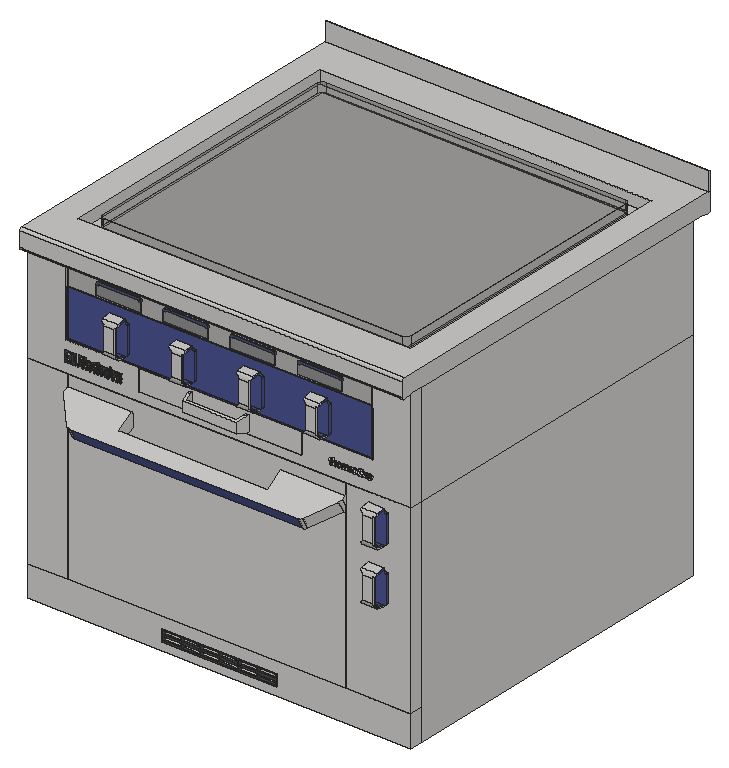
Revit family "QF_ELECTROLUXPROFESSIONAL_588415_MALMEBH8AO", category Attrezzature speciali, Revit 2020 (continued)
Definition of nested family "Front_Panel_W800_Four Knobs"
  Definition of nested family "ELX_Professional_Logo_Small"
    Forms (mm)
      Extrusion 2, solid, material <- "Material_Logo"
        sketch origin (15.5, 0, 0) x (1, 0, 0) y (0, 1, 0)
          loop
            spline (-26.936, -1.713) -> (-27.384, -1.691) -> (-27.805, -1.625) -> (-28.196, -1.518) -> (-28.556, -1.372) -> (-28.882, -1.187) -> (-29.174, -0.966) -> (-29.429, -0.71) -> (-29.645, -0.422) -> (-29.821, -0.102) -> (-29.955, 0.247) -> (-30.045, 0.623) -> (-30.089, 1.026)
            line (-30.089, 1.026) -> (-21.956, 1.026) -> (-21.915, 1.897)
          loop
            spline (-24.446, 2.769) -> (-24.47, 3.075) -> (-24.54, 3.37) -> (-24.654, 3.65) -> (-24.807, 3.913) -> (-24.996, 4.156) -> (-25.219, 4.376) -> (-25.472, 4.57) -> (-25.753, 4.736) -> (-26.057, 4.869) -> (-26.382, 4.968) -> (-26.724, 5.03) -> (-27.081, 5.051)
            spline (-27.081, 5.051) -> (-27.464, 5.03) -> (-27.832, 4.97) -> (-28.183, 4.872) -> (-28.513, 4.74) -> (-28.819, 4.577) -> (-29.099, 4.384) -> (-29.347, 4.165) -> (-29.563, 3.923) -> (-29.742, 3.659) -> (-29.881, 3.377) -> (-29.977, 3.079) -> (-30.027, 2.769)
            line (-30.027, 2.769) -> (-24.446, 2.769)
          loop
            spline (-18.167, 1.669) -> (-18.138, 2.13) -> (-18.055, 2.567) -> (-17.921, 2.978) -> (-17.739, 3.358) -> (-17.512, 3.705) -> (-17.243, 4.016) -> (-16.937, 4.287) -> (-16.596, 4.517) -> (-16.223, 4.7) -> (-15.823, 4.835) -> (-15.398, 4.919) -> (-14.951, 4.947)
            spline (-14.951, 4.947) -> (-14.677, 4.938) -> (-14.414, 4.913) -> (-14.162, 4.871) -> (-13.921, 4.812) -> (-13.69, 4.738) -> (-13.467, 4.649) -> (-13.254, 4.544) -> (-13.048, 4.424) -> (-12.85, 4.291) -> (-12.659, 4.143) -> (-12.474, 3.981) -> (-12.295, 3.806)
            line (-12.295, 3.806) -> (-10.76, 5.403)
            spline (-10.76, 5.403) -> (-11.065, 5.709) -> (-11.38, 5.984) -> (-11.703, 6.228) -> (-12.035, 6.443) -> (-12.375, 6.63) -> (-12.723, 6.788) -> (-13.078, 6.92) -> (-13.44, 7.026) -> (-13.809, 7.107) -> (-14.184, 7.164) -> (-14.564, 7.198) -> (-14.951, 7.209)
            spline (-14.951, 7.209) -> (-15.725, 7.161) -> (-16.467, 7.02) -> (-17.169, 6.792) -> (-17.826, 6.482) -> (-18.43, 6.096) -> (-18.976, 5.637) -> (-19.455, 5.112) -> (-19.862, 4.525) -> (-20.19, 3.882) -> (-20.433, 3.189) -> (-20.584, 2.449) -> (-20.635, 1.669)
            spline (-20.635, 1.669) -> (-20.584, 0.889) -> (-20.433, 0.149) -> (-20.19, -0.545) -> (-19.862, -1.187) -> (-19.455, -1.774) -> (-18.976, -2.299) -> (-18.43, -2.758) -> (-17.826, -3.145) -> (-17.169, -3.454) -> (-16.467, -3.682) -> (-15.725, -3.823) -> (-14.951, -3.871)
            spline (-14.951, -3.871) -> (-14.564, -3.86) -> (-14.184, -3.826) -> (-13.809, -3.77) -> (-13.44, -3.689) -> (-13.078, -3.583) -> (-12.723, -3.451) -> (-12.375, -3.292) -> (-12.035, -3.105) -> (-11.703, -2.89) -> (-11.38, -2.646) -> (-11.065, -2.371) -> (-10.76, -2.066)
            line (-10.76, -2.066) -> (-12.295, -0.468)
            spline (-12.295, -0.468) -> (-12.474, -0.643) -> (-12.659, -0.805) -> (-12.85, -0.953) -> (-13.048, -1.087) -> (-13.254, -1.206) -> (-13.467, -1.311) -> (-13.69, -1.4) -> (-13.921, -1.475) -> (-14.162, -1.533) -> (-14.414, -1.575) -> (-14.677, -1.6) -> (-14.951, -1.609)
            spline (-14.951, -1.609) -> (-15.398, -1.581) -> (-15.823, -1.497) -> (-16.223, -1.362) -> (-16.596, -1.179) -> (-16.937, -0.95) -> (-17.243, -0.678) -> (-17.512, -0.367) -> (-17.739, -0.02) -> (-17.921, 0.36) -> (-18.055, 0.771) -> (-18.138, 1.208) -> (-18.167, 1.669)
          loop
            spline (-4.441, -1.243) -> (-4.659, -1.247) -> (-4.894, -1.23) -> (-5.137, -1.19) -> (-5.384, -1.121) -> (-5.628, -1.021) -> (-5.864, -0.884) -> (-6.084, -0.708) -> (-6.283, -0.488) -> (-6.454, -0.219) -> (-6.592, 0.101) -> (-6.69, 0.478) -> (-6.742, 0.914)
            line (-6.742, 0.914) -> (-6.742, 4.587) -> (-4.487, 4.587) -> (-4.487, 6.838) -> (-6.738, 6.838) -> (-6.738, 10.824) -> (-9.217, 10.824) -> (-9.217, 0.773)
            spline (-9.217, 0.773) -> (-9.164, 0.19) -> (-9.068, -0.358) -> (-8.928, -0.87) -> (-8.742, -1.343) -> (-8.511, -1.777) -> (-8.232, -2.168) -> (-7.904, -2.515) -> (-7.527, -2.816) -> (-7.098, -3.069) -> (-6.618, -3.273) -> (-6.084, -3.426) -> (-5.496, -3.525)
            line (-5.496, -3.525) -> (-4.45, -3.573) -> (-4.441, -1.243)
          loop
            spline (3.898, 6.983) -> (3.469, 7.009) -> (3.056, 7.001) -> (2.661, 6.961) -> (2.283, 6.888) -> (1.925, 6.785) -> (1.588, 6.652) -> (1.272, 6.49) -> (0.979, 6.301) -> (0.71, 6.085) -> (0.465, 5.844) -> (0.247, 5.578) -> (0.056, 5.289)
            line (0.056, 5.289) -> (0.056, 6.838) -> (-2.402, 6.838) -> (-2.402, -3.572) -> (0.056, -3.572) -> (0.056, 1.901)
            spline (0.056, 1.901) -> (0.079, 2.316) -> (0.145, 2.703) -> (0.254, 3.06) -> (0.404, 3.386) -> (0.592, 3.679) -> (0.818, 3.938) -> (1.08, 4.162) -> (1.375, 4.348) -> (1.703, 4.495) -> (2.062, 4.602) -> (2.45, 4.668) -> (2.865, 4.69)
            line (2.865, 4.69) -> (3.898, 4.586) -> (3.898, 6.983)
          loop
            spline (15.638, 1.633) -> (15.586, 2.396) -> (15.435, 3.124) -> (15.192, 3.81) -> (14.863, 4.449) -> (14.455, 5.034) -> (13.975, 5.56) -> (13.43, 6.021) -> (12.826, 6.411) -> (12.17, 6.724) -> (11.469, 6.955) -> (10.729, 7.098) -> (9.958, 7.147)
            spline (9.958, 7.147) -> (9.182, 7.098) -> (8.44, 6.955) -> (7.737, 6.724) -> (7.081, 6.411) -> (6.477, 6.021) -> (5.933, 5.56) -> (5.454, 5.034) -> (5.048, 4.449) -> (4.721, 3.81) -> (4.479, 3.124) -> (4.329, 2.396) -> (4.277, 1.633)
            spline (4.277, 1.633) -> (4.329, 0.869) -> (4.479, 0.141) -> (4.721, -0.544) -> (5.048, -1.183) -> (5.454, -1.768) -> (5.933, -2.294) -> (6.477, -2.755) -> (7.081, -3.145) -> (7.737, -3.459) -> (8.44, -3.69) -> (9.182, -3.833) -> (9.958, -3.882)
            spline (9.958, -3.882) -> (10.729, -3.833) -> (11.469, -3.69) -> (12.17, -3.459) -> (12.826, -3.145) -> (13.43, -2.755) -> (13.975, -2.294) -> (14.455, -1.768) -> (14.863, -1.183) -> (15.192, -0.544) -> (15.435, 0.141) -> (15.586, 0.869) -> (15.638, 1.633)
          loop
            spline (13.18, 1.633) -> (13.151, 2.083) -> (13.067, 2.513) -> (12.932, 2.918) -> (12.748, 3.296) -> (12.52, 3.642) -> (12.251, 3.954) -> (11.943, 4.227) -> (11.601, 4.459) -> (11.228, 4.645) -> (10.828, 4.782) -> (10.403, 4.867) -> (9.958, 4.896)
            spline (9.958, 4.896) -> (9.509, 4.867) -> (9.081, 4.782) -> (8.679, 4.645) -> (8.306, 4.459) -> (7.964, 4.227) -> (7.658, 3.954) -> (7.39, 3.642) -> (7.163, 3.296) -> (6.981, 2.918) -> (6.847, 2.513) -> (6.765, 2.083) -> (6.736, 1.633)
            spline (6.736, 1.633) -> (6.765, 1.182) -> (6.847, 0.753) -> (6.981, 0.347) -> (7.163, -0.031) -> (7.39, -0.377) -> (7.658, -0.689) -> (7.964, -0.962) -> (8.306, -1.193) -> (8.679, -1.38) -> (9.081, -1.517) -> (9.509, -1.602) -> (9.958, -1.631)
            spline (9.958, -1.631) -> (10.403, -1.602) -> (10.828, -1.517) -> (11.228, -1.38) -> (11.601, -1.193) -> (11.943, -0.962) -> (12.251, -0.689) -> (12.52, -0.377) -> (12.748, -0.031) -> (12.932, 0.347) -> (13.067, 0.753) -> (13.151, 1.182) -> (13.18, 1.633)
          loop
            line (17.162, 4.269) -> (17.162, -3.573) -> (19.642, -3.573) -> (19.642, 10.824) -> (17.162, 10.824) -> (17.162, 4.269)
          loop
            line (28.581, 6.838) -> (28.581, 0.786)
            spline (28.581, 0.786) -> (28.561, 0.393) -> (28.503, 0.038) -> (28.409, -0.279) -> (28.281, -0.559) -> (28.122, -0.802) -> (27.933, -1.011) -> (27.717, -1.185) -> (27.476, -1.325) -> (27.213, -1.433) -> (26.929, -1.509) -> (26.626, -1.554) -> (26.308, -1.569)
            spline (26.308, -1.569) -> (25.99, -1.554) -> (25.688, -1.509) -> (25.404, -1.434) -> (25.141, -1.326) -> (24.9, -1.187) -> (24.684, -1.014) -> (24.496, -0.807) -> (24.336, -0.565) -> (24.209, -0.288) -> (24.115, 0.026) -> (24.057, 0.376) -> (24.037, 0.765)
            line (24.037, 0.765) -> (24.037, 6.838) -> (21.537, 6.838) -> (21.537, 0.558)
            spline (21.537, 0.558) -> (21.581, -0.153) -> (21.71, -0.8) -> (21.916, -1.384) -> (22.195, -1.904) -> (22.54, -2.362) -> (22.944, -2.757) -> (23.403, -3.09) -> (23.909, -3.362) -> (24.456, -3.572) -> (25.04, -3.722) -> (25.652, -3.811) -> (26.288, -3.841)
            spline (26.288, -3.841) -> (26.929, -3.811) -> (27.547, -3.72) -> (28.135, -3.568) -> (28.687, -3.355) -> (29.197, -3.079) -> (29.66, -2.741) -> (30.068, -2.341) -> (30.415, -1.877) -> (30.696, -1.349) -> (30.905, -0.757) -> (31.034, -0.101) -> (31.079, 0.621)
            line (31.079, 0.621) -> (31.079, 6.838) -> (28.581, 6.838)
          loop
            line (40.457, -0.243) -> (38.894, 1.942) -> (40.83, 4.579) -> (42.488, 6.837) -> (39.782, 6.837) -> (37.53, 3.719) -> (35.258, 6.837) -> (32.573, 6.837) -> (34.113, 4.731) -> (36.167, 1.922) -> (34.014, -1.076) -> (32.222, -3.573) -> (34.887, -3.573) -> (37.53, 0.104) -> (40.174, -3.573) -> (42.839, -3.573) -> (40.457, -0.243)
          loop
            line (-46.121, -5.837) -> (-48.039, -5.837) -> (-48.039, -10.814) -> (-47.016, -10.814) -> (-47.016, -9.128) -> (-46.121, -9.128)
            arc (-46.121, -9.128) -> (-44.476, -7.482) -> (-46.121, -5.837) r 1.645
          loop
            line (-46.163, -6.778) -> (-47.016, -6.778) -> (-47.016, -8.187) -> (-46.163, -8.187)
            arc (-46.163, -8.187) -> (-45.458, -7.482) -> (-46.163, -6.778) r 0.704
          loop
            line (-38.313, -5.837) -> (-40.265, -5.837) -> (-40.265, -10.814) -> (-39.241, -10.814) -> (-39.241, -9.1) -> (-38.46, -9.182) -> (-37.48, -10.814) -> (-36.318, -10.814) -> (-37.513, -8.848)
            arc (-37.513, -8.848) -> (-36.888, -8.266) -> (-36.671, -7.441) r 1.536
            arc (-36.671, -7.441) -> (-37.165, -6.305) -> (-38.313, -5.837) r 1.643
          loop
            arc (-38.402, -8.166) -> (-37.707, -7.505) -> (-38.334, -6.778) r 0.696
            line (-38.334, -6.778) -> (-39.241, -6.778) -> (-39.241, -8.166) -> (-38.402, -8.166)
          loop
            circle (-29.965, -8.325) r 2.585
          loop
            circle (-29.965, -8.325) r 1.64
          loop
            line (-23.1, -5.837) -> (-23.1, -10.814) -> (-22.076, -10.814) -> (-22.076, -8.768) -> (-20.204, -8.768) -> (-20.204, -7.828) -> (-22.076, -7.828) -> (-22.076, -6.778) -> (-20.024, -6.778) -> (-20.024, -5.837) -> (-23.1, -5.837)
          loop
            line (-15.802, -5.837) -> (-15.802, -9.2)
            arc (-15.802, -9.2) -> (-15.343, -10.34) -> (-14.209, -10.814) r 1.593
            line (-14.209, -10.814) -> (-12.602, -10.814) -> (-12.602, -10.027) -> (-14.004, -10.027)
            arc (-14.004, -10.027) -> (-14.552, -9.8) -> (-14.779, -9.252) r 0.775
            line (-14.779, -9.252) -> (-14.779, -8.424) -> (-12.789, -8.424) -> (-12.789, -7.642) -> (-14.779, -7.642) -> (-14.779, -6.778) -> (-12.651, -6.778) -> (-12.651, -5.837) -> (-15.802, -5.837)
          loop
            line (-5.909, -7.143) -> (-5.173, -6.638)
            arc (-5.173, -6.638) -> (-5.855, -5.974) -> (-6.781, -5.755) r 1.782
            arc (-6.781, -5.755) -> (-7.397, -5.878) -> (-7.944, -6.189) r 1.974
            arc (-7.944, -6.189) -> (-8.202, -6.5) -> (-8.317, -6.888) r 1.013
            arc (-8.317, -6.888) -> (-8.306, -7.341) -> (-8.192, -7.78) r 1.985
            arc (-8.192, -7.78) -> (-7.749, -8.259) -> (-7.171, -8.563) r 1.928
            arc (-7.171, -8.563) -> (-6.637, -8.779) -> (-6.131, -9.056) r 5.041
            arc (-6.131, -9.056) -> (-5.934, -9.387) -> (-6.09, -9.74) r 0.42
            arc (-6.09, -9.74) -> (-6.631, -9.96) -> (-7.204, -9.845) r 1.016
            arc (-7.204, -9.845) -> (-7.625, -9.603) -> (-7.889, -9.196) r 1.033
            line (-7.889, -9.196) -> (-8.67, -9.686)
            arc (-8.67, -9.686) -> (-8.361, -10.198) -> (-7.908, -10.589) r 1.914
            arc (-7.908, -10.589) -> (-7.334, -10.834) -> (-6.714, -10.896) r 2.063
            arc (-6.714, -10.896) -> (-5.947, -10.743) -> (-5.256, -10.376) r 2.696
            arc (-5.256, -10.376) -> (-4.95, -9.565) -> (-5.108, -8.712) r 1.618
            arc (-5.108, -8.712) -> (-5.448, -8.319) -> (-5.884, -8.035) r 1.876
            arc (-5.884, -8.035) -> (-6.434, -7.789) -> (-6.999, -7.577) r 9.883
            arc (-6.999, -7.577) -> (-7.325, -7.07) -> (-6.854, -6.694) r 0.45
            arc (-6.854, -6.694) -> (-6.329, -6.809) -> (-5.909, -7.143) r 1.197
          loop
            line (1.61, -7.143) -> (2.345, -6.638)
            arc (2.345, -6.638) -> (1.663, -5.974) -> (0.737, -5.755) r 1.782
            arc (0.737, -5.755) -> (0.121, -5.878) -> (-0.425, -6.189) r 1.974
            arc (-0.425, -6.189) -> (-0.683, -6.5) -> (-0.799, -6.888) r 1.013
            arc (-0.799, -6.888) -> (-0.788, -7.341) -> (-0.674, -7.78) r 1.985
            arc (-0.674, -7.78) -> (-0.231, -8.259) -> (0.347, -8.563) r 1.928
            arc (0.347, -8.563) -> (0.881, -8.779) -> (1.387, -9.056) r 5.041
            arc (1.387, -9.056) -> (1.584, -9.387) -> (1.428, -9.74) r 0.42
            arc (1.428, -9.74) -> (0.887, -9.96) -> (0.314, -9.845) r 1.016
            arc (0.314, -9.845) -> (-0.107, -9.603) -> (-0.371, -9.196) r 1.033
            line (-0.371, -9.196) -> (-1.152, -9.686)
            arc (-1.152, -9.686) -> (-0.842, -10.198) -> (-0.39, -10.589) r 1.914
            arc (-0.39, -10.589) -> (0.184, -10.834) -> (0.804, -10.896) r 2.063
            arc (0.804, -10.896) -> (1.572, -10.743) -> (2.263, -10.376) r 2.696
            arc (2.263, -10.376) -> (2.568, -9.565) -> (2.411, -8.712) r 1.618
            arc (2.411, -8.712) -> (2.07, -8.319) -> (1.635, -8.035) r 1.876
            arc (1.635, -8.035) -> (1.084, -7.789) -> (0.519, -7.577) r 9.883
            arc (0.519, -7.577) -> (0.193, -7.07) -> (0.665, -6.694) r 0.45
            arc (0.665, -6.694) -> (1.189, -6.809) -> (1.61, -7.143) r 1.197
          loop
            line (6.801, -5.837) -> (6.801, -10.814) -> (7.825, -10.814) -> (7.825, -5.837) -> (6.801, -5.837)
          loop
            circle (14.724, -8.325) r 1.548
          loop
            circle (14.724, -8.325) r 2.585
          loop
            line (21.59, -10.814) -> (22.623, -10.814) -> (22.623, -7.685) -> (24.9, -10.814) -> (25.895, -10.814) -> (25.895, -5.837) -> (24.861, -5.837) -> (24.861, -9.061) -> (22.585, -5.837) -> (21.59, -5.837) -> (21.59, -10.814)
          loop
            line (31.054, -10.814) -> (31.539, -9.74) -> (33.38, -9.74) -> (33.865, -10.814) -> (34.965, -10.814) -> (32.46, -5.837) -> (29.956, -10.814) -> (31.054, -10.814)
          loop
            line (32.46, -7.698) -> (31.999, -8.719) -> (32.921, -8.719) -> (32.46, -7.698)
          loop
            line (40.047, -9.873) -> (40.047, -5.837) -> (39.024, -5.837) -> (39.024, -10.814) -> (41.961, -10.814) -> (41.961, -9.873) -> (40.047, -9.873)
          loop
            line (-74.986, -10.814) -> (-53.322, -10.814) -> (-53.322, 10.82) -> (-74.986, 10.82) -> (-74.986, -10.814)
          loop
            line (-61.261, 9.758) -> (-61.261, -9.707)
            arc (-61.261, -9.707) -> (-54.066, 0.025) -> (-61.261, 9.758) r 10.18
          loop
            line (-62.251, 8.349) -> (-62.251, 9.758)
            arc (-62.251, 9.758) -> (-70.347, 7.918) -> (-74.247, 0.59) r 9.976
            line (-74.247, 0.59) -> (-71.026, 0.59)
            arc (-71.026, 0.59) -> (-65.274, 2.925) -> (-62.251, 8.349) r 9.351
          loop
            arc (-74.247, -0.539) -> (-70.353, -7.928) -> (-62.251, -9.957) r 10.237
            line (-62.251, -9.957) -> (-62.251, -8.298)
            arc (-62.251, -8.298) -> (-65.274, -2.874) -> (-71.026, -0.539) r 9.351
            line (-71.026, -0.539) -> (-74.247, -0.539)
        from 0 to 1.644
    Dimensions and locks
      aligned and locked: plane 2 to Extrusion 1
      aligned and locked: level to Extrusion 1
